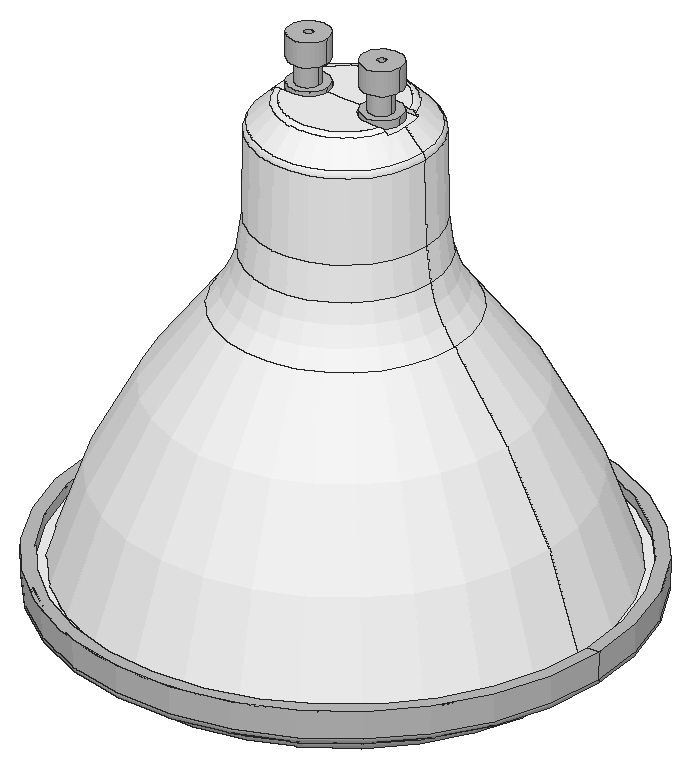
Revit family "STH6436_27", category Luminárias, Revit 2023 (continued)
Automatic sketch dimensions
  Extrusion 16 sketch curve to Extrusion 16 sketch curve = 0.002642 m
  Extrusion 16 sketch curve to Extrusion 16 sketch curve = 0.000134 m
  Extrusion 17 sketch curve to Extrusion 17 sketch curve = 0.00 m  (x7)
  Extrusion 17 sketch curve to Extrusion 17 sketch curve = 0.004141 m  (x2)
  Extrusion 24 sketch curve to Extrusion 24 sketch curve = 0.0005 m
  Revolve 26 sketch curve to Revolve 26 sketch curve = 0.00 m  (x4)
  Revolve 26 sketch curve to Revolve 26 sketch curve = 0.002281 m
  Revolve 26 sketch curve to Revolve 26 sketch curve = 0.000115 m
  Revolve 26 sketch curve to Revolve 26 sketch curve = 0.000105 m
  Revolve 26 sketch curve to Revolve 26 sketch curve = 0.00036 m
  Revolve 26 sketch curve to Revolve 26 sketch curve = 0.000409 m
  Revolve 26 sketch curve to Revolve 26 sketch curve = 0.0008 m  (x3)
  Revolve 26 sketch curve to Revolve 26 sketch curve = 0.001076 m
  Revolve 26 sketch curve to Revolve 26 sketch curve = 0.000156 m
  Revolve 26 sketch curve to Revolve 26 sketch curve = 0.001381 m
  Revolve 26 sketch curve to Revolve 26 sketch curve = 0.001291 m
  Revolve 26 sketch curve to Revolve 26 sketch curve = 0.001558 m
  Revolve 26 sketch curve to Revolve 26 sketch curve = 0.000069 m
  Revolve 26 sketch curve to Revolve 26 sketch curve = 0.000021 m
  Revolve 26 sketch curve to Revolve 26 sketch curve = 0.000023 m
  Revolve 26 sketch curve to Revolve 26 sketch curve = 0.000642 m
  Revolve 26 sketch curve to Revolve 26 sketch curve = 0.000775 m
  Revolve 26 sketch curve to Revolve 26 sketch curve = 0.000687 m
  Revolve 26 sketch curve to Revolve 26 sketch curve = 0.000407 m
  Revolve 26 sketch curve to Revolve 26 sketch curve = 0.001463 m
  Revolve 26 sketch curve to Revolve 26 sketch curve = 0.000788 m
  Revolve 26 sketch curve to Revolve 26 sketch curve = 0.000195 m
  Revolve 26 sketch curve to Revolve 26 sketch curve = 0.000375 m
  Revolve 26 sketch curve to Revolve 26 sketch curve = 0.000625 m
  Revolve 26 sketch curve to Revolve 26 sketch curve = 0.000062 m
  Revolve 26 sketch curve to Revolve 26 sketch curve = 0.000678 m
  Revolve 26 sketch curve to Revolve 26 sketch curve = 0.000287 m
  Revolve 26 sketch curve to Revolve 26 sketch curve = 0.001016 m
  Revolve 26 sketch curve to Revolve 26 sketch curve = 0.000308 m
  Revolve 26 sketch curve to Revolve 26 sketch curve = 0.000892 m
  Revolve 26 sketch curve to Revolve 26 sketch curve = 0.000722 m
  Revolve 26 sketch curve to Revolve 26 sketch curve = 0.000632 m
  Revolve 26 sketch curve to Revolve 26 sketch curve = 0.00431 m
  Revolve 27 sketch curve to Revolve 27 sketch curve = 0.00 m  (x10)
  Revolve 27 sketch curve to Revolve 27 sketch curve = 0.007821 m
  Revolve 27 sketch curve to Revolve 27 sketch curve = 0.000003 m
  Revolve 27 sketch curve to Revolve 27 sketch curve = 0.000053 m
  Revolve 27 sketch curve to Revolve 27 sketch curve = 0.000771 m
  Revolve 27 sketch curve to Revolve 27 sketch curve = 0.002259 m
  Revolve 27 sketch curve to Revolve 27 sketch curve = 0.000249 m
  Revolve 27 sketch curve to Revolve 27 sketch curve = 0.000804 m
  Revolve 27 sketch curve to Revolve 27 sketch curve = 0.000295 m
  Revolve 27 sketch curve to Revolve 27 sketch curve = 0.000182 m
  Revolve 27 sketch curve to Revolve 27 sketch curve = 0.000682 m
  Revolve 27 sketch curve to Revolve 27 sketch curve = 0.000024 m
  Revolve 27 sketch curve to Revolve 27 sketch curve = 0.0015 m
  Revolve 27 sketch curve to Revolve 27 sketch curve = 0.000666 m
  Revolve 27 sketch curve to Revolve 27 sketch curve = 0.00096 m
  Revolve 27 sketch curve to Revolve 27 sketch curve = 0.001 m
  Revolve 27 sketch curve to Revolve 27 sketch curve = 0.001389 m
  Revolve 27 sketch curve to Revolve 27 sketch curve = 0.0018 m
  Revolve 27 sketch curve to Revolve 27 sketch curve = 0.000349 m
  Revolve 27 sketch curve to Revolve 27 sketch curve = 0.0011 m  (x2)
  Revolve 27 sketch curve to Revolve 27 sketch curve = 0.006513 m
  Revolve 27 sketch curve to Revolve 27 sketch curve = 0.0008 m
  Revolve 27 sketch curve to Revolve 27 sketch curve = 0.000028 m
  Revolve 27 sketch curve to Revolve 27 sketch curve = 0.001291 m
  Revolve 27 sketch curve to Revolve 27 sketch curve = 0.008464 m
  Revolve 27 sketch curve to Revolve 27 sketch curve = 0.008437 m
  Revolve 27 sketch curve to Revolve 27 sketch curve = 0.001408 m
  Revolve 27 sketch curve to Revolve 27 sketch curve = 0.001221 m
  Revolve 27 sketch curve to Revolve 27 sketch curve = 0.010335 m
  Revolve 27 sketch curve to Revolve 27 sketch curve = 0.000051 m
  Revolve 27 sketch curve to Revolve 27 sketch curve = 0.000075 m
  Revolve 27 sketch curve to Revolve 27 sketch curve = 0.002456 m
  Revolve 27 sketch curve to Revolve 27 sketch curve = 0.000214 m
  Revolve 27 sketch curve to Revolve 27 sketch curve = 0.000768 m
  Revolve 27 sketch curve to Revolve 27 sketch curve = 0.001099 m
  Revolve 27 sketch curve to Revolve 27 sketch curve = 0.000007 m
  Revolve 27 sketch curve to Revolve 27 sketch curve = 0.002984 m
  Revolve 27 sketch curve to Revolve 27 sketch curve = 0.000124 m
  Revolve 28 sketch curve to Revolve 28 sketch curve = 0.00 m  (x5)
  Revolve 28 sketch curve to Revolve 28 sketch curve = 0.004178 m
  Revolve 28 sketch curve to Revolve 28 sketch curve = 0.002391 m
  Revolve 28 sketch curve to Revolve 28 sketch curve = 0.008391 m
  Revolve 28 sketch curve to Revolve 28 sketch curve = 0.000139 m
  Revolve 28 sketch curve to Revolve 28 sketch curve = 0.003861 m
  Revolve 28 sketch curve to Revolve 28 sketch curve = 0.00172 m
  Revolve 28 sketch curve to Revolve 28 sketch curve = 0.005 m
  Revolve 28 sketch curve to Revolve 28 sketch curve = 0.0031 m
  Revolve 28 sketch curve to Revolve 28 sketch curve = 0.00049 m
  Revolve 28 sketch curve to Revolve 28 sketch curve = 0.00151 m
  Revolve 28 sketch curve to Revolve 28 sketch curve = 0.0032 m
  Revolve 29 sketch curve to Revolve 29 sketch curve = 0.001466 m
  Revolve 29 sketch curve to Revolve 29 sketch curve = 0.001569 m
  Revolve 29 sketch curve to Revolve 29 sketch curve = 0.001307 m
  Revolve 30 sketch curve to Revolve 30 sketch curve = 0.006948 m
  Extrusion 31 sketch curve to Extrusion 31 sketch curve = 0.002979 m  (x2)
  Extrusion 31 sketch curve to Extrusion 31 sketch curve = 0.000056 m  (x2)
  Extrusion 31 sketch curve to Extrusion 31 sketch curve = 0.002 m  (x2)
  Extrusion 31 sketch curve to Extrusion 31 sketch curve = 0.013556 m  (x2)
  Extrusion 31 sketch curve to Extrusion 31 sketch curve = 0.00357 m  (x2)
  Extrusion 31 sketch curve to Extrusion 31 sketch curve = 0.001142 m  (x2)
  Extrusion 31 sketch curve to Extrusion 31 sketch curve = 0.001905 m  (x2)
  Extrusion 31 sketch curve to Extrusion 31 sketch curve = 0.000815 m  (x2)
  Extrusion 31 sketch curve to Extrusion 31 sketch curve = 0.001728 m  (x2)
  Extrusion 31 sketch curve to Extrusion 31 sketch curve = 0.0008 m  (x2)
  Extrusion 32 sketch curve to Extrusion 32 sketch curve = 0.00 m  (x7)
  Extrusion 32 sketch curve to Extrusion 32 sketch curve = 0.004141 m  (x2)
  Extrusion 17 sketch curve to Extrusion 17 sketch curve = 0.021709 m
  Extrusion 17 sketch curve to Extrusion 17 sketch curve = 0.002642 m
  Extrusion 17 sketch curve to Extrusion 17 sketch curve = 0.000134 m
  Extrusion 24 sketch curve to Extrusion 24 sketch curve = 0.00 m  (x2)
  Extrusion 25 sketch curve to Extrusion 25 sketch curve = 0.00 m  (x2)
  Extrusion 25 sketch curve to Extrusion 25 sketch curve = 0.0005 m
  Revolve 26 sketch curve to Revolve 26 sketch curve = 0.07238 m
  Revolve 26 sketch curve to Revolve 26 sketch curve = 0.014451 m
  Revolve 26 sketch curve to Revolve 26 sketch curve = 0.000085 m
  Revolve 26 sketch curve to Revolve 26 sketch curve = 0.000823 m
  Revolve 26 sketch curve to Revolve 26 sketch curve = 0.00041 m
  Revolve 26 sketch curve to Revolve 26 sketch curve = 0.000792 m
  Revolve 26 sketch curve to Revolve 26 sketch curve = 0.04018 m
  Revolve 26 sketch curve to Revolve 26 sketch curve = 0.001022 m
  Revolve 26 sketch curve to Revolve 26 sketch curve = 0.001178 m
  Revolve 26 sketch curve to Revolve 26 sketch curve = 0.0013 m
  Revolve 26 sketch curve to Revolve 26 sketch curve = 0.019222 m
  Revolve 26 sketch curve to Revolve 26 sketch curve = 0.027682 m
  Revolve 26 sketch curve to Revolve 26 sketch curve = 0.005638 m
  Revolve 27 sketch curve to Revolve 27 sketch curve = 0.04586 m
  Revolve 27 sketch curve to Revolve 27 sketch curve = 0.007247 m
  Revolve 27 sketch curve to Revolve 27 sketch curve = 0.015087 m
  Revolve 27 sketch curve to Revolve 27 sketch curve = 0.016237 m
  Revolve 27 sketch curve to Revolve 27 sketch curve = 0.006681 m
  Revolve 27 sketch curve to Revolve 27 sketch curve = 0.001528 m
  Revolve 27 sketch curve to Revolve 27 sketch curve = 0.00579 m
  Revolve 27 sketch curve to Revolve 27 sketch curve = 0.019042 m
  Revolve 27 sketch curve to Revolve 27 sketch curve = 0.001451 m
  Revolve 27 sketch curve to Revolve 27 sketch curve = 0.0003 m
  Revolve 27 sketch curve to Revolve 27 sketch curve = 0.001142 m
  Revolve 27 sketch curve to Revolve 27 sketch curve = 0.032087 m
  Revolve 27 sketch curve to Revolve 27 sketch curve = 0.029534 m
  Revolve 27 sketch curve to Revolve 27 sketch curve = 0.010102 m
  Revolve 27 sketch curve to Revolve 27 sketch curve = 0.013987 m
  Revolve 28 sketch curve to Revolve 28 sketch curve = 0.00541 m  (x2)
  Revolve 28 sketch curve to Revolve 28 sketch curve = 0.001398 m
  Revolve 28 sketch curve to Revolve 28 sketch curve = 0.001465 m
  Revolve 28 sketch curve to Revolve 28 sketch curve = 0.011764 m
  Revolve 29 sketch curve to Revolve 29 sketch curve = 0.03453 m
  Revolve 29 sketch curve to Revolve 29 sketch curve = 0.003465 m
  Revolve 29 sketch curve to Revolve 29 sketch curve = 0.026694 m
  Revolve 29 sketch curve to Revolve 29 sketch curve = 0.001712 m
  Revolve 29 sketch curve to Revolve 29 sketch curve = 0.007453 m
  Revolve 29 sketch curve to Revolve 29 sketch curve = 0.00 m
  Revolve 29 sketch curve to Revolve 29 sketch curve = 0.001493 m
  Revolve 30 sketch curve to Revolve 30 sketch curve = 0.034536 m
  Revolve 30 sketch curve to Revolve 30 sketch curve = 0.006408 m
  Revolve 30 sketch curve to Revolve 30 sketch curve = 0.006569 m
  Revolve 30 sketch curve to Revolve 30 sketch curve = 0.032571 m
  Revolve 30 sketch curve to Revolve 30 sketch curve = 0.000255 m
  Revolve 30 sketch curve to Revolve 30 sketch curve = 0.00 m
  Revolve 30 sketch curve to Revolve 30 sketch curve = 0.004824 m
  Extrusion 31 sketch curve to Extrusion 31 sketch curve = 0.000962 m
  Extrusion 31 sketch curve to Extrusion 31 sketch curve = 0.003465 m  (x2)
  Extrusion 31 sketch curve to Extrusion 31 sketch curve = 0.005005 m
  Extrusion 31 sketch curve to Extrusion 31 sketch curve = 0.0006 m
  Extrusion 31 sketch curve to Extrusion 31 sketch curve = 0.004518 m  (x2)
  Extrusion 31 sketch curve to Extrusion 31 sketch curve = 0.001328 m  (x2)
  Extrusion 31 sketch curve to Extrusion 31 sketch curve = 0.000701 m  (x2)
  Extrusion 31 sketch curve to Extrusion 31 sketch curve = 0.002982 m  (x2)
  Extrusion 32 sketch curve to Extrusion 32 sketch curve = 0.021709 m
  Extrusion 32 sketch curve to Extrusion 32 sketch curve = 0.002642 m
  Extrusion 32 sketch curve to Extrusion 32 sketch curve = 0.000134 m
  radius of Extrusion 2 sketch curve = 0.0025 m
  radius of Extrusion 3 sketch curve = 0.0015 m
  radius of Extrusion 4 sketch curve = 0.0025 m
  radius of Extrusion 5 sketch curve = 0.0025 m
  radius of Extrusion 6 sketch curve = 0.0015 m
  radius of Extrusion 7 sketch curve = 0.0025 m
  radius of Extrusion 18 sketch curve = 0.0025 m
  radius of Extrusion 19 sketch curve = 0.0015 m
  radius of Extrusion 20 sketch curve = 0.0025 m
  radius of Extrusion 21 sketch curve = 0.0025 m
  radius of Extrusion 22 sketch curve = 0.0015 m
  radius of Extrusion 23 sketch curve = 0.0025 m
Connectors (m)
  electrical at (0, 0, 0.064573)
    settings: index 1, voltage 0 V, apparent load 0 VA, apparent load phase1 0 VA, apparent load phase2 0 VA, apparent load phase3 0 VA, power factor 1, load classification "Outro", number of poles 1, system type 31, power factor state 1, is connector primary yes, connector utility no, sub classification motor no, connector description ""
